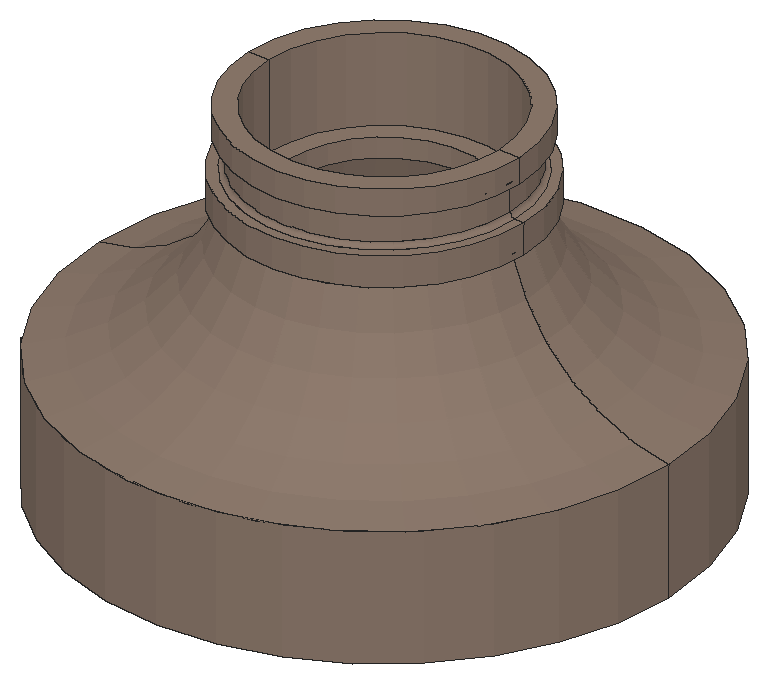
Revit family "CCS1201", category Generic Models, Revit 2014
Parameters
  SHELL = Bronze, Architectural
Reference planes (in)
  plane 1 "Center (Front/Back)": y = 0
  plane 2: z = 0
  plane 3 "Center (Left/Right)": x = 0
Forms (in)
  Revolve 1, solid, material "Bronze, Architectural" <- "SHELL"
    sketch origin (0, 0, 0) x (1, 0, 0) y (0, 0, 1)
      loop
        line (-3.5625, 9) -> (-3.5625, 8.375) -> (-3.4375, 8.375)
        arc (-3.4375, 8.375) -> (-3.34911, 8.33839) -> (-3.3125, 8.25) r 0.125
        line (-3.3125, 8.25) -> (-3.3125, 7.625)
        arc (-3.3125, 7.625) -> (-3.34911, 7.53661) -> (-3.4375, 7.5) r 0.125
        line (-3.4375, 7.5) -> (-3.6875, 7.5) -> (-3.6875, 6.75) -> (-3.53643, 6.75)
        arc (-3.53643, 6.75) -> (-3.43694, 6.70067) -> (-3.41597, 6.59162) r 0.125
        arc (-3.41597, 6.59162) -> (-4.92495, 4.23035) -> (-7.5, 3.125) r 4.76676
        line (-7.5, 3.125) -> (-7.5, 0) -> (-7, 0) -> (-7, 2.69536)
        arc (-7, 2.69536) -> (-4.5428, 3.89902) -> (-3.02007, 6.17233) r 5.27097
        line (-3.02007, 6.17233) -> (-2.53125, 6.3125) -> (-2.53125, 6.8125) -> (-3.03127, 6.8125) -> (-3.03127, 9) -> (-3.5625, 9)
      axis (0, 9) -> (0, 0)
    angle from 0 to 360
Dimensions and locks (in)
  aligned and locked: plane 2 to level
